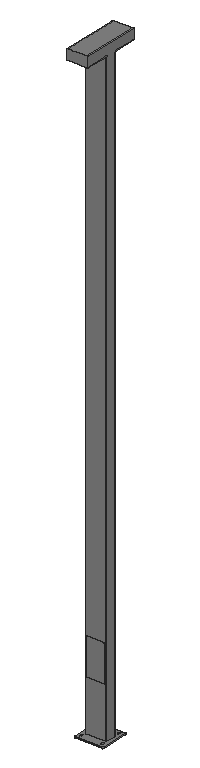
Revit family "Супремус В", category Осветительные приборы, Revit 2019
Family settings
  Размер круглого соединителя = Использовать диаметр
  Тип детали = Нормальный
  На основе рабочей плоскости = Нет
  Всегда вертикально = Да
  При загрузке вырезать с полостями = Нет
  Источник света = Да
  Общий = Нет
  Точка расчета площади = Нет
Parameters (values of type "ДТУ121с10 Светодиодный светильник Супремус-B ДТУ-121-AF-ДТУП1212(60Вт)+ДТУП1212(60Вт)-6,0")
  built-in parameter 1150104 = 13.8 (stored number, unit not read)
  Цветоывая температура = size_lookup(Таблица выбора, "С", "", ADSK_Артикул, ADSK_Размер_Высота)  # "2700-5500"
  built-in parameter 1150134 = 3
  Файл фотометрической сетки = "DTU-121-AF Supremus B 60W 60°x130°.ies"
  Угол наклона = 90.00°
  Тип продукции = size_lookup(Таблица выбора, "T", " ", ADSK_Артикул, ADSK_Размер_Высота)  # "LED-светильник"
  Тип ПРА = "-"
  Тип КСС = size_lookup(Таблица выбора, "KSS", " ", ADSK_Артикул, ADSK_Размер_Высота)  # "тип Г (глубокая)"
  Тип ИС = size_lookup(Таблица выбора, "IS", " ", ADSK_Артикул, ADSK_Размер_Высота)  # "LED-модуль"
  Температура эксплуатации = size_lookup(Таблица выбора, "T1", " ", ADSK_Артикул, ADSK_Размер_Высота)  # "-40 +50"
  Таблица выбора = "Таблица параметров светильников_par4_v1"
  built-in parameter 1150137 = (empty or 0)
  built-in parameter 1150132 = 2
  built-in parameter 1150114 = 1 (stored number, unit not read)
  Dimming Lamp Color Temperature Shift = (empty or 0)
  built-in parameter 1150105 = 909.18 (stored number, unit not read)
  Color Filter = 16777215
  Lumens = 13200 lm
  built-in parameter 1150109 = 1 (stored number, unit not read)
  built-in parameter 1150112 = 1 (stored number, unit not read)
  built-in parameter 1150110 = 1 (stored number, unit not read)
  built-in parameter 1150113 = 1 (stored number, unit not read)
  built-in parameter 1150115 = 1 (stored number, unit not read)
  built-in parameter 1114218 = 1 (stored number, unit not read)
  built-in parameter 1114217 = 1 (stored number, unit not read)
  Apparent Load = 0 VA
  built-in parameter 1150106 = 9.0918 (stored number, unit not read)
  Область использования = "Парки, скверы, общественные пространства, городская инфраструктура"  # constant formula
  built-in parameter 1150142 = "IESNA:LM-63-1995\r\n[TEST]\t\tALF\r\n[MANUFAC]\tALFRESCO\r\n[LUMCAT]\tDTU-121-AF\r\n[LUMINAIRE]\tDTU-121-AF Supremus B 60W 60°x130°\r\n[LAMP]\t\tOsram_Duris_S8\r\n[DATE]\t\t\r\n[OTHER]\t\t\r\nTILT=NONE\r\n1 7011.0 7.011 361 72 1 2 0.23 0.10 0.00\r\n1.0 1 57.0\r\n0.0 0.5 1.0 1.5 2.0 2.5 3.0 3.5 4.0 4.5 5.0 5.5 6.0 6.5 7.0 7.5 8.0 8.5 9.0 9.5 10.0 10.5 11.0 11.5 12.0 12.5 13.0 13.5 14.0 14.5\r\n 15.0 15.5 16.0 16.5 17.0 17.5 18.0 18.5 19.0 19.5 20.0 20.5 21.0 21.5 22.0 22.5 23.0 23.5 24.0 24.5 25.0 25.5 26.0 26.5 27.0 27.5\r\n 28.0 28.5 29.0 29.5 30.0 30.5 31.0 31.5 32.0 32.5 33.0 33.5 34.0 34.5 35.0 35.5 36.0 36.5 37.0 37.5 38.0 38.5 39.0 39.5 40.0 40.5\r\n 41.0 41.5 42.0 42.5 43.0 43.5 44.0 44.5 45.0 45.5 46.0 46.5 47.0 47.5 48.0 48.5 49.0 49.5 50.0 50.5 51.0 51.5 52.0 52.5 53.0 53.5\r\n 54.0 54.5 55.0 55.5 56.0 56.5 57.0 57.5 58.0 58.5 59.0 59.5 60.0 60.5 61.0 61.5 62.0 62.5 63.0 63.5 64.0 64.5 65.0 65.5 66.0 66.5\r\n 67.0 67.5 68.0 68.5 69.0 69.5 70.0 70.5 71.0 71.5 72.0 72.5 73.0 73.5 74.0 74.5 75.0 75.5 76.0 76.5 77.0 77.5 78.0 78.5 79.0 79.5\r\n 80.0 80.5 81.0 81.5 82.0 82.5 83.0 83.5 84.0 84.5 85.0 85.5 86.0 86.5 87.0 87.5 88.0 88.5 89.0 89.5 90.0 90.5 91.0 91.5 92.0 92.5\r\n 93.0 93.5 94.0 94.5 95.0 95.5 96.0 96.5 97.0 97.5 98.0 98.5 99.0 99.5 100.0 100.5 101.0 101.5 102.0 102.5 103.0 103.5 104.0 104.5\r\n 105.0 105.5 106.0 106.5 107.0 107.5 108.0 108.5 109.0 109.5 110.0 110.5 111.0 111.5 112.0 112.5 113.0 113.5 114.0 114.5 115.0\r\n 115.5 116.0 116.5 117.0 117.5 118.0 118.5 119.0 119.5 120.0 120.5 121.0 121.5 122.0 122.5 123.0 123.5 124.0 124.5 125.0 125.5\r\n 126.0 126.5 127.0 127.5 128.0 128.5 129.0 129.5 130.0 130.5 131.0 131.5 132.0 132.5 133.0 133.5 134.0 134.5 135.0 135.5 136.0\r\n 136.5 137.0 137.5 138.0 138.5 139.0 139.5 140.0 140.5 141.0 141.5 142.0 142.5 143.0 143.5 144.0 144.5 145.0 145.5 146.0 146.5\r\n 147.0 147.5 148.0 148.5 149.0 149.5 150.0 150.5 151.0 151.5 152.0 152.5 153.0 153.5 154.0 154.5 155.0 155.5 156.0 156.5 157.0\r\n 157.5 158.0 158.5 159.0 159.5 160.0 160.5 161.0 161.5 162.0 162.5 163.0 163.5 164.0 164.5 165.0 165.5 166.0 166.5 167.0 167.5\r\n 168.0 168.5 169.0 169.5 170.0 170.5 171.0 171.5 172.0 172.5 173.0 173.5 174.0 174.5 175.0 175.5 176.0 176.5 177.0 177.5 178.0\r\n 178.5 179.0 179.5 180.0\r\n0.0 5.0 10.0 15.0 20.0 25.0 30.0 35.0 40.0 45.0 50.0 55.0 60.0 65.0 70.0 75.0 80.0 85.0 90.0 95.0 100.0 105.0 110.0 115.0 120.0\r\n 125.0 130.0 135.0 140.0 145.0 150.0 155.0 160.0 165.0 170.0 175.0 180.0 185.0 190.0 195.0 200.0 205.0 210.0 215.0 220.0 225.0\r\n 230.0 235.0 240.0 245.0 250.0 255.0 260.0 265.0 270.0 275.0 280.0 285.0 290.0 295.0 300.0 305.0 310.0 315.0 320.0 325.0 330.0\r\n 335.0 340.0 345.0 350.0 355.0 360.0\r\n275.6 275.6 275.4 275.4 275.1 275.0 274.6 274.5 274.0 273.6 273.1 272.6 272.1 271.6 271.2 270.5 269.9 269.3 268.8 268.0 267.4\r\n 266.9 266.3 265.6 265.0 264.5 264.1 263.6 263.2 263.0 262.7 262.5 262.4 262.4 262.3 262.4 262.5 262.8 263.1 263.2 263.6 264.1\r\n 264.6 265.1 265.7 266.3 266.8 267.5 268.0 268.6 269.3 270.0 270.6 271.4 272.2 272.9 274.0 274.8 275.8 276.8 277.9 279.0 280.1\r\n 281.1 282.3 283.5 284.7 286.1 287.2 288.5 289.8 291.2 292.5 294.0 295.6 296.9 298.3 299.9 301.1 302.3 303.8 305.3 307.0 309.2\r\n 310.7 312.1 313.4 315.4 317.5 318.3 318.9 319.8 320.8 321.9 322.8 323.7 324.9 326.2 327.1 328.4 329.9 331.5 333.0 334.7 336.5\r\n 338.5 340.6 342.9 345.1 347.3 349.5 351.3 352.7 353.8 354.6 355.1 355.0 354.6 353.9 353.3 352.9 352.1 350.9 350.0 348.7 346.8\r\n 343.7 340.1 336.0 332.0 328.1 323.5 318.6 314.1 309.6 304.7 300.3 295.5 290.9 286.8 283.6 281.0 278.4 276.0 271.5 265.0 257.4\r\n 247.6 235.1 220.3 205.5 189.6 171.6 151.8 130.1 108.8 90.3 73.3 59.4 45.5 31.5 24.0 18.8 15.4 13.3 11.9 10.7 9.6 8.8 7.9 7.1 6.4\r\n 5.7 5.1 4.4 3.8 3.2 2.6 2.3 2.0 2.0 2.0 2.0 2.0 1.8 1.8 1.6 1.5 1.3 1.1 1.1 1.0 0.9 0.9 0.9 0.9 0.9 0.9 1.0 1.0 1.0 0.0 0.0 0.0\r\n 0.0 0.0 0.0 0.0 0.0 0.0 0.0 0.0 0.0 0.0 0.0 0.0 0.0 0.0 0.0 0.0 0.0 0.0 0.0 0.0 0.0 0.0 0.0 0.0 0.0 0.0 0.0 0.0 0.0 0.0 0.0 0.0\r\n 0.0 0.0 0.0 0.0 0.0 0.0 0.0 0.0 0.0 0.0 0.0 0.0 0.0 0.0 0.0 0.0 0.0 0.0 0.0 0.0 0.0 0.0 0.0 0.0 0.0 0.0 0.0 0.0 0.0 0.0 0.0 0.0\r\n 0.0 0.0 0.0 0.0 0.0 0.0 0.0 0.0 0.0 0.0 0.0 0.0 0.0 0.0 0.0 0.0 0.0 0.0 0.0 0.0 0.0 0.0 0.0 0.0 0.0 0.0 0.0 0.0 0.0 0.0 0.0 0.0\r\n 0.0 0.0 0.0 0.0 0.0 0.0 0.0 0.0 0.0 0.0 0.0 0.0 0.0 0.0 0.0 0.0 0.0 0.0 0.0 0.0 0.0 0.0 0.0 0.0 0.0 0.0 0.0 0.0 0.0 0.0 0.0 0.0\r\n 0.0 0.0 0.0 0.0 0.0 0.0 0.0 0.0 0.0 0.0 0.0 0.0 0.0 0.0 0.0 0.0 0.0 0.0 0.0 0.0 0.0 0.0 0.0 0.0 0.0 0.0 0.0 0.0 0.0\r\n275.6 275.8 276.0 276.1 276.0 276.0 276.0 275.8 275.6 275.4 275.2 275.0 274.6 274.4 274.0 273.7 273.1 272.7 272.5 272.2 271.6\r\n 271.3 270.9 270.4 270.1 269.8 269.6 269.5 269.4 269.3 269.3 269.3 269.5 269.6 269.9 270.2 270.3 270.5 271.1 271.7 272.2 272.8\r\n 273.5 274.2 274.8 275.5 276.2 276.9 277.6 278.4 279.1 279.8 280.4 281.3 282.1 283.0 284.0 284.8 285.9 287.0 288.1 289.3 290.2\r\n 291.4 292.5 294.0 295.3 296.4 297.8 299.2 300.5 301.9 303.5 305.3 306.9 308.6 310.5 312.2 314.0 316.1 318.2 320.4 322.7 325.4\r\n 327.9 330.2 332.3 335.0 337.3 338.6 339.9 341.3 342.8 344.4 345.3 346.3 347.8 349.5 351.3 353.4 355.6 358.0 360.0 362.1 364.4\r\n 366.6 368.9 371.0 373.3 375.5 377.8 379.6 381.5 382.8 383.9 384.9 385.4 385.3 385.1 385.1 384.7 384.1 382.7 381.0 378.8 376.3\r\n 373.0 368.5 363.7 358.7 353.8 348.2 342.3 336.7 330.6 324.5 319.0 314.1 310.2 306.7 304.3 302.4 300.6 298.2 293.4 286.7 277.8\r\n 266.5 251.9 234.3 216.2 198.9 180.1 159.7 138.7 117.6 96.5 78.5 62.9 47.8 36.5 28.1 21.8 17.8 15.1 13.2 11.7 10.5 9.5 8.6 7.6 6.8\r\n 6.1 5.5 4.9 4.5 4.0 3.5 3.0 2.5 2.3 2.2 2.0 1.9 1.7 1.6 1.5 1.4 1.2 1.0 1.0 0.9 0.8 0.8 0.8 0.9 0.9 0.9 0.9 0.9 1.0 0.0 0.0 0.0\r\n 0.0 0.0 0.0 0.0 0.0 0.0 0.0 0.0 0.0 0.0 0.0 0.0 0.0 0.0 0.0 0.0 0.0 0.0 0.0 0.0 0.0 0.0 0.0 0.0 0.0 0.0 0.0 0.0 0.0 0.0 0.0 0.0\r\n 0.0 0.0 0.0 0.0 0.0 0.0 0.0 0.0 0.0 0.0 0.0 0.0 0.0 0.0 0.0 0.0 0.0 0.0 0.0 0.0 0.0 0.0 0.0 0.0 0.0 0.0 0.0 0.0 0.0 0.0 0.0 0.0\r\n 0.0 0.0 0.0 0.0 0.0 0.0 0.0 0.0 0.0 0.0 0.0 0.0 0.0 0.0 0.0 0.0 0.0 0.0 0.0 0.0 0.0 0.0 0.0 0.0 0.0 0.0 0.0 0.0 0.0 0.0 0.0 0.0\r\n 0.0 0.0 0.0 0.0 0.0 0.0 0.0 0.0 0.0 0.0 0.0 0.0 0.0 0.0 0.0 0.0 0.0 0.0 0.0 0.0 0.0 0.0 0.0 0.0 0.0 0.0 0.0 0.0 0.0 0.0 0.0 0.0\r\n 0.0 0.0 0.0 0.0 0.0 0.0 0.0 0.0 0.0 0.0 0.0 0.0 0.0 0.0 0.0 0.0 0.0 0.0 0.0 0.0 0.0 0.0 0.0 0.0 0.0 0.0 0.0 0.0 0.0\r\n275.6 276.1 276.5 276.7 276.9 277.1 277.2 277.4 277.5 277.4 277.4 277.4 277.3 277.2 277.0 277.0 276.8 276.7 276.7 276.6 276.4\r\n 276.2 276.1 276.0 275.9 276.0 276.1 276.2 276.4 276.6 276.9 277.2 277.6 278.0 278.5 278.7 279.2 279.7 280.4 281.3 281.9 282.7\r\n 283.7 284.4 285.3 286.3 287.0 288.1 289.0 289.8 290.7 291.6 292.4 293.5 294.4 295.4 296.4 297.5 298.5 299.6 300.8 301.9 303.1\r\n 304.1 305.5 306.8 308.2 309.5 311.0 312.6 314.2 315.9 317.7 319.5 321.7 323.9 326.0 328.4 330.6 333.0 335.8 338.6 341.5 344.9\r\n 348.0 350.8 353.8 357.6 359.8 361.7 363.6 365.7 367.6 369.1 370.7 372.2 373.9 375.9 378.3 380.3 382.6 384.7 386.8 388.8 390.9\r\n 393.4 395.9 398.6 401.8 405.1 408.0 410.1 412.3 414.2 415.4 416.7 418.1 418.9 418.6 418.2 417.3 415.9 413.1 409.5 405.5 400.6\r\n 395.6 389.1 381.5 374.1 367.2 360.6 353.6 346.5 339.9 332.8 326.5 321.5 317.8 315.1 313.2 311.4 309.6 307.5 303.5 296.2 286.7\r\n 274.5 259.0 241.1 222.7 204.6 186.2 166.7 146.6 124.5 102.4 83.0 66.8 54.4 42.0 34.0 27.7 23.0 19.7 17.4 15.4 13.7 12.2 10.8 9.5\r\n 8.4 7.5 6.7 6.0 5.4 4.7 4.0 3.2 2.8 2.7 2.5 2.3 2.2 1.9 1.7 1.4 1.3 1.1 1.0 0.9 0.9 0.8 0.8 0.8 0.8 0.8 0.8 0.9 0.9 0.9 0.0 0.0\r\n 0.0 0.0 0.0 0.0 0.0 0.0 0.0 0.0 0.0 0.0 0.0 0.0 0.0 0.0 0.0 0.0 0.0 0.0 0.0 0.0 0.0 0.0 0.0 0.0 0.0 0.0 0.0 0.0 0.0 0.0 0.0 0.0\r\n 0.0 0.0 0.0 0.0 0.0 0.0 0.0 0.0 0.0 0.0 0.0 0.0 0.0 0.0 0.0 0.0 0.0 0.0 0.0 0.0 0.0 0.0 0.0 0.0 0.0 0.0 0.0 0.0 0.0 0.0 0.0 0.0\r\n 0.0 0.0 0.0 0.0 0.0 0.0 0.0 0.0 0.0 0.0 0.0 0.0 0.0 0.0 0.0 0.0 0.0 0.0 0.0 0.0 0.0 0.0 0.0 0.0 0.0 0.0 0.0 0.0 0.0 0.0 0.0 0.0\r\n 0.0 0.0 0.0 0.0 0.0 0.0 0.0 0.0 0.0 0.0 0.0 0.0 0.0 0.0 0.0 0.0 0.0 0.0 0.0 0.0 0.0 0.0 0.0 0.0 0.0 0.0 0.0 0.0 0.0 0.0 0.0 0.0\r\n 0.0 0.0 0.0 0.0 0.0 0.0 0.0 0.0 0.0 0.0 0.0 0.0 0.0 0.0 0.0 0.0 0.0 0.0 0.0 0.0 0.0 0.0 0.0 0.0 0.0 0.0 0.0 0.0 0.0 0.0\r\n275.6 276.3 276.8 277.3 277.7 278.4 278.7 279.0 279.3 279.6 279.8 280.0 280.2 280.4 280.6 280.6 280.9 281.1 281.3 281.5 281.7\r\n 281.7 282.0 282.2 282.4 282.8 283.3 283.5 284.0 284.6 285.2 285.8 286.4 287.0 287.5 288.1 288.9 289.7 290.6 291.5 292.4 293.5\r\n 294.5 295.7 296.8 298.0 299.1 300.1 301.3 302.4 303.6 304.8 306.0 306.9 308.0 309.1 310.2 311.3 312.6 313.7 314.9 315.9 317.0\r\n 318.3 319.5 320.8 322.5 324.0 325.7 327.5 329.4 331.3 333.5 335.8 338.3 341.0 343.7 346.8 349.9 352.9 356.0 359.2 362.4 365.5\r\n 369.0 372.3 375.2 379.1 381.7 383.3 385.5 387.7 389.9 392.0 394.2 396.4 399.0 402.0 404.7 407.5 410.5 413.1 415.5 418.2 420.7\r\n 423.2 425.5 427.8 430.1 433.0 435.6 437.9 439.5 441.0 442.1 442.9 443.2 443.5 443.3 442.0 439.9 436.6 432.7 427.8 422.8 416.7\r\n 409.6 401.5 392.6 382.9 372.3 362.7 353.2 344.9 336.4 327.6 319.6 313.1 308.1 304.8 301.6 298.0 295.3 293.3 290.2 285.5 278.1\r\n 268.9 257.0 241.8 225.0 207.5 190.2 174.2 157.5 137.7 117.8 98.0 80.6 66.7 54.7 44.5 36.9 30.9 26.3 23.0 20.5 18.1 16.0 14.2 12.7\r\n 11.3 10.1 8.9 7.9 6.8 5.8 5.0 4.4 3.7 3.2 2.8 2.6 2.3 2.0 1.8 1.6 1.3 1.1 0.9 0.9 0.8 0.7 0.7 0.7 0.7 0.8 0.8 0.8 0.8 0.8 0.0 0.0\r\n 0.0 0.0 0.0 0.0 0.0 0.0 0.0 0.0 0.0 0.0 0.0 0.0 0.0 0.0 0.0 0.0 0.0 0.0 0.0 0.0 0.0 0.0 0.0 0.0 0.0 0.0 0.0 0.0 0.0 0.0 0.0 0.0\r\n 0.0 0.0 0.0 0.0 0.0 0.0 0.0 0.0 0.0 0.0 0.0 0.0 0.0 0.0 0.0 0.0 0.0 0.0 0.0 0.0 0.0 0.0 0.0 0.0 0.0 0.0 0.0 0.0 0.0 0.0 0.0 0.0\r\n 0.0 0.0 0.0 0.0 0.0 0.0 0.0 0.0 0.0 0.0 0.0 0.0 0.0 0.0 0.0 0.0 0.0 0.0 0.0 0.0 0.0 0.0 0.0 0.0 0.0 0.0 0.0 0.0 0.0 0.0 0.0 0.0\r\n 0.0 0.0 0.0 0.0 0.0 0.0 0.0 0.0 0.0 0.0 0.0 0.0 0.0 0.0 0.0 0.0 0.0 0.0 0.0 0.0 0.0 0.0 0.0 0.0 0.0 0.0 0.0 0.0 0.0 0.0 0.0 0.0\r\n 0.0 0.0 0.0 0.0 0.0 0.0 0.0 0.0 0.0 0.0 0.0 0.0 0.0 0.0 0.0 0.0 0.0 0.0 0.0 0.0 0.0 0.0 0.0 0.0 0.0 0.0 0.0 0.0 0.0 0.0\r\n275.6 276.5 277.1 277.9 278.7 279.3 279.9 280.5 281.1 281.6 282.1 282.5 283.0 283.5 283.9 284.5 285.0 285.7 286.2 286.8 287.3\r\n 287.7 288.4 289.0 289.4 290.0 290.8 291.5 292.2 293.1 293.9 294.5 295.1 295.9 296.6 297.3 298.2 299.0 299.9 301.0 302.0 303.2\r\n 304.4 305.8 306.9 308.4 309.5 310.9 312.5 313.6 314.9 316.1 317.3 318.2 319.1 320.2 321.2 322.3 323.2 324.2 325.2 326.4 327.8\r\n 328.8 330.2 331.6 333.3 335.0 336.9 338.8 341.0 343.3 345.6 348.3 351.3 354.7 358.0 361.5 364.6 367.8 370.9 374.4 377.8 381.6\r\n 385.5 389.2 392.6 396.5 399.8 401.8 404.5 407.2 409.6 411.9 414.3 417.0 419.9 422.6 425.3 428.1 431.1 434.1 437.0 440.0 443.1\r\n 446.3 449.4 452.9 455.6 458.1 460.2 462.0 463.3 463.7 463.4 462.6 461.1 458.9 456.5 453.6 449.6 444.6 438.6 432.3 425.5 418.1\r\n 409.8 400.5 391.0 379.6 368.1 355.7 343.7 332.8 322.6 313.7 304.8 296.6 289.6 284.2 280.3 277.1 274.0 270.8 267.2 263.5 258.3\r\n 251.5 241.9 230.0 216.6 201.9 186.4 171.2 157.1 142.6 126.2 108.2 90.7 76.1 64.7 54.8 45.0 38.2 32.8 28.6 25.1 22.3 19.7 17.3\r\n 15.4 13.6 11.9 10.4 9.1 7.8 6.8 5.7 4.7 4.1 3.6 3.2 2.9 2.7 2.3 2.0 1.7 1.5 1.3 1.2 0.9 0.8 0.7 0.7 0.7 0.7 0.7 0.7 0.7 0.7 0.7\r\n 0.0 0.0 0.0 0.0 0.0 0.0 0.0 0.0 0.0 0.0 0.0 0.0 0.0 0.0 0.0 0.0 0.0 0.0 0.0 0.0 0.0 0.0 0.0 0.0 0.0 0.0 0.0 0.0 0.0 0.0 0.0 0.0\r\n 0.0 0.0 0.0 0.0 0.0 0.0 0.0 0.0 0.0 0.0 0.0 0.0 0.0 0.0 0.0 0.0 0.0 0.0 0.0 0.0 0.0 0.0 0.0 0.0 0.0 0.0 0.0 0.0 0.0 0.0 0.0 0.0\r\n 0.0 0.0 0.0 0.0 0.0 0.0 0.0 0.0 0.0 0.0 0.0 0.0 0.0 0.0 0.0 0.0 0.0 0.0 0.0 0.0 0.0 0.0 0.0 0.0 0.0 0.0 0.0 0.0 0.0 0.0 0.0 0.0\r\n 0.0 0.0 0.0 0.0 0.0 0.0 0.0 0.0 0.0 0.0 0.0 0.0 0.0 0.0 0.0 0.0 0.0 0.0 0.0 0.0 0.0 0.0 0.0 0.0 0.0 0.0 0.0 0.0 0.0 0.0 0.0 0.0\r\n 0.0 0.0 0.0 0.0 0.0 0.0 0.0 0.0 0.0 0.0 0.0 0.0 0.0 0.0 0.0 0.0 0.0 0.0 0.0 0.0 0.0 0.0 0.0 0.0 0.0 0.0 0.0 0.0 0.0 0.0 0.0 0.0\r\n275.6 276.8 277.7 278.6 279.6 280.4 281.3 282.3 283.0 283.9 284.7 285.5 286.3 287.1 288.0 288.9 289.8 290.8 291.8 292.5 293.3\r\n 294.1 294.9 295.9 296.6 297.5 298.2 299.1 299.9 300.9 301.7 302.5 303.2 304.0 304.8 305.6 306.5 307.3 308.3 309.4 310.5 311.6\r\n 313.1 314.2 315.5 316.7 318.1 319.2 320.7 321.9 323.1 324.3 325.3 326.3 327.4 328.3 329.1 330.1 330.9 332.0 333.0 334.1 335.5\r\n 336.7 338.1 339.5 341.2 342.8 344.8 347.1 349.4 351.9 354.6 357.6 360.8 364.0 367.0 370.3 373.8 377.5 381.5 385.2 388.9 392.5\r\n 396.3 399.9 403.7 407.6 411.2 414.3 417.3 420.5 423.1 425.7 428.1 430.6 433.8 436.9 440.2 443.8 447.1 450.6 454.2 457.3 460.4\r\n 463.4 465.7 468.6 471.4 474.0 476.3 477.9 479.0 479.3 477.8 474.9 471.3 466.5 461.7 456.5 450.4 444.2 438.4 431.7 423.9 415.8\r\n 407.8 398.9 388.6 377.5 366.1 354.0 342.0 330.3 318.1 306.5 295.8 285.8 276.5 267.0 258.7 251.0 244.9 239.2 233.6 228.2 222.4\r\n 215.5 207.3 198.4 188.9 178.9 169.1 159.2 148.6 135.9 123.3 110.6 96.7 82.9 71.7 62.1 53.2 45.6 39.2 34.1 30.0 26.5 23.4 20.8\r\n 18.3 15.7 13.8 12.1 10.7 9.4 8.0 7.0 6.2 5.1 4.2 3.5 3.2 3.0 2.6 2.2 2.0 1.8 1.6 1.4 1.2 1.1 0.9 0.7 0.6 0.6 0.6 0.6 0.6 0.7 0.7\r\n 0.0 0.0 0.0 0.0 0.0 0.0 0.0 0.0 0.0 0.0 0.0 0.0 0.0 0.0 0.0 0.0 0.0 0.0 0.0 0.0 0.0 0.0 0.0 0.0 0.0 0.0 0.0 0.0 0.0 0.0 0.0 0.0\r\n 0.0 0.0 0.0 0.0 0.0 0.0 0.0 0.0 0.0 0.0 0.0 0.0 0.0 0.0 0.0 0.0 0.0 0.0 0.0 0.0 0.0 0.0 0.0 0.0 0.0 0.0 0.0 0.0 0.0 0.0 0.0 0.0\r\n 0.0 0.0 0.0 0.0 0.0 0.0 0.0 0.0 0.0 0.0 0.0 0.0 0.0 0.0 0.0 0.0 0.0 0.0 0.0 0.0 0.0 0.0 0.0 0.0 0.0 0.0 0.0 0.0 0.0 0.0 0.0 0.0\r\n 0.0 0.0 0.0 0.0 0.0 0.0 0.0 0.0 0.0 0.0 0.0 0.0 0.0 0.0 0.0 0.0 0.0 0.0 0.0 0.0 0.0 0.0 0.0 0.0 0.0 0.0 0.0 0.0 0.0 0.0 0.0 0.0\r\n 0.0 0.0 0.0 0.0 0.0 0.0 0.0 0.0 0.0 0.0 0.0 0.0 0.0 0.0 0.0 0.0 0.0 0.0 0.0 0.0 0.0 0.0 0.0 0.0 0.0 0.0 0.0 0.0 0.0 0.0 0.0 0.0\r\n275.6 276.9 278.1 279.3 280.4 281.6 282.6 283.9 285.1 286.2 287.2 288.6 289.6 290.9 292.1 293.5 294.5 295.9 297.0 298.0 298.9\r\n 300.1 301.1 302.1 303.0 303.8 304.7 305.8 306.9 307.7 308.6 309.4 310.2 311.1 311.7 312.4 313.3 314.1 315.2 316.3 317.5 318.7\r\n 320.0 321.4 322.9 324.0 325.4 326.6 327.8 328.8 329.8 330.7 331.5 332.4 333.2 334.0 335.0 335.6 336.4 337.7 338.3 339.4 340.6\r\n 341.8 343.0 344.5 345.9 347.8 349.7 352.1 354.5 357.1 360.0 363.2 366.4 369.5 372.7 375.8 379.2 382.5 386.2 389.8 392.9 396.3\r\n 399.6 403.4 407.6 412.4 416.8 420.7 424.4 428.7 432.0 434.6 437.4 440.2 443.4 447.0 451.0 454.6 458.2 461.2 464.1 467.4 470.9\r\n 474.5 477.9 480.3 482.1 482.9 482.6 481.5 480.4 479.0 476.8 473.5 469.4 464.3 458.9 453.1 447.3 440.2 432.1 424.6 416.8 408.5\r\n 399.1 389.3 379.7 369.3 358.1 346.1 333.5 321.0 308.5 295.5 282.5 270.1 257.5 244.9 232.9 221.4 209.8 198.6 188.4 180.3 172.3\r\n 164.8 157.7 151.2 144.3 136.7 128.2 119.8 111.6 103.1 94.0 84.8 75.9 67.6 60.5 53.6 47.1 41.0 35.9 31.7 28.0 24.8 21.9 19.5 17.1\r\n 14.9 13.0 11.4 10.0 8.6 7.6 6.8 6.1 5.2 4.5 4.1 3.8 3.5 3.1 2.7 2.4 2.1 2.0 1.7 1.5 1.2 1.0 0.9 0.8 0.7 0.6 0.5 0.4 0.3 0.1 0.0\r\n 0.0 0.0 0.0 0.0 0.0 0.0 0.0 0.0 0.0 0.0 0.0 0.0 0.0 0.0 0.0 0.0 0.0 0.0 0.0 0.0 0.0 0.0 0.0 0.0 0.0 0.0 0.0 0.0 0.0 0.0 0.0 0.0\r\n 0.0 0.0 0.0 0.0 0.0 0.0 0.0 0.0 0.0 0.0 0.0 0.0 0.0 0.0 0.0 0.0 0.0 0.0 0.0 0.0 0.0 0.0 0.0 0.0 0.0 0.0 0.0 0.0 0.0 0.0 0.0 0.0\r\n 0.0 0.0 0.0 0.0 0.0 0.0 0.0 0.0 0.0 0.0 0.0 0.0 0.0 0.0 0.0 0.0 0.0 0.0 0.0 0.0 0.0 0.0 0.0 0.0 0.0 0.0 0.0 0.0 0.0 0.0 0.0 0.0\r\n 0.0 0.0 0.0 0.0 0.0 0.0 0.0 0.0 0.0 0.0 0.0 0.0 0.0 0.0 0.0 0.0 0.0 0.0 0.0 0.0 0.0 0.0 0.0 0.0 0.0 0.0 0.0 0.0 0.0 0.0 0.0 0.0\r\n 0.0 0.0 0.0 0.0 0.0 0.0 0.0 0.0 0.0 0.0 0.0 0.0 0.0 0.0 0.0 0.0 0.0 0.0 0.0 0.0 0.0 0.0 0.0 0.0 0.0 0.0 0.0 0.0 0.0 0.0 0.0\r\n275.6 277.0 278.4 279.8 281.3 282.5 284.0 285.3 286.9 288.4 289.8 291.3 293.1 294.4 296.1 297.6 299.3 300.6 301.8 303.1 304.3\r\n 305.4 306.5 307.7 308.6 309.5 310.5 311.6 312.7 313.5 314.2 315.0 316.1 317.0 318.0 319.1 320.3 321.4 322.7 323.3 324.3 325.4\r\n 326.1 327.0 327.9 328.9 330.0 330.9 332.0 332.9 333.5 334.5 335.4 335.9 336.5 337.4 338.2 339.1 340.1 341.2 342.4 343.5 345.0\r\n 346.3 348.0 349.8 351.9 354.1 356.6 359.5 362.2 365.2 368.3 371.5 374.6 377.2 379.9 382.9 386.3 389.1 391.7 394.1 397.2 400.4\r\n 403.9 407.5 410.7 414.4 418.8 422.4 425.6 428.8 432.3 435.8 438.4 440.9 443.9 447.0 449.6 452.5 454.9 457.4 460.2 463.0 466.2\r\n 468.9 471.2 472.4 473.0 472.4 471.3 469.6 466.9 463.0 458.6 454.0 449
